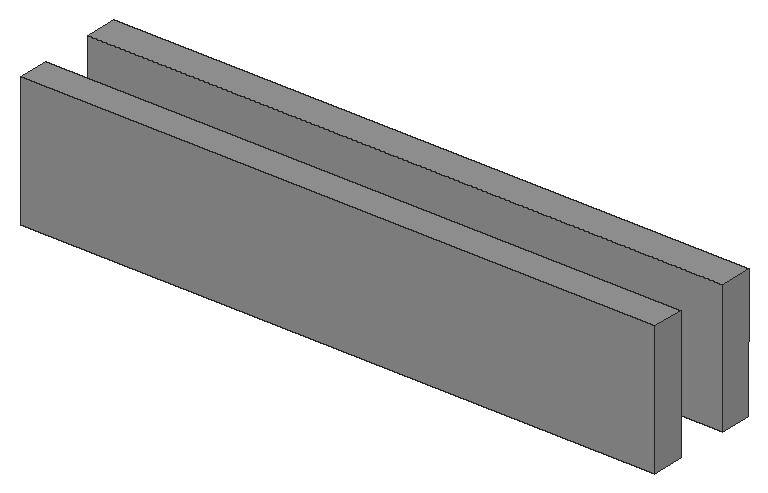
Revit family "CP-seconda consegna MADRE", category Modèles génériques, Revit 2017
Family settings
  Peut héberger une armature = Non
  Cote de connecteur circulaire = Utiliser le diamètre
  Type d'élément = Normal
  Couper avec des vides une fois chargée = Non
  Partagée = Non
  Point de calcul de pièce = Non
Parameters
  SPESSORE ASTE = 6 cm
  SEMIDISTANZA = DISTANZA LORDA / 2  # 5 cm
  built-in parameter 1001306 [instance] = 120 cm
  DISTANZA NETTA = 4 cm
  DISTANZA LORDA = DISTANZA NETTA + SPESSORE ASTE  # 10 cm
Reference planes (cm)
  plane 1 "Centre (avant/arrière)": y = 0
  plane 2: z = 0
  plane 3 "Gauche": x = 0
  plane 4 "Droite": x = 120
  plane 5: y = 5
  plane 6: y = -5
  plane 7: z = 19.5453
Lines and regions (cm)
  reference lines
    curve 1: line (0, 0, 0) -> (120, 0, 0)
Dimensions and locks (cm)
  "built-in parameter 1001306": plane 3 "Gauche" to plane 4 "Droite"
  "SEMIDISTANZA": plane 1 "Centre (avant/arrière)" to plane 6
  "SEMIDISTANZA": plane 1 "Centre (avant/arrière)" to plane 5
  aligned and locked: plane 4 "Droite" to curve 1
  aligned and locked: plane 1 "Centre (avant/arrière)" to curve 1
  aligned and locked: plane 3 "Gauche" to curve 1
  aligned and locked: level to plane 2
  aligned and locked: plane 3 "Gauche" to nested 2
  aligned and locked: plane 4 "Droite" to nested 2
  aligned and locked: plane 6 to nested 2
  aligned and locked: nested 1 to plane 5
  aligned and locked: plane 4 "Droite" to nested 1
  aligned and locked: nested 2 to curve 1
  aligned and locked: plane 3 "Gauche" to nested 1
  aligned and locked: nested 2 to plane 3 "Gauche"
Nested families (cm)
  nested 1: "CP-seconda consegna FIGLIO" at (0, 8, 0), type "CP-seconda consegna FIGLIO"
    with built-in parameter 1001306 120 cm, h 50 cm, b 6 cm, SEMILARGHEZZA 3 cm, SEMIALTEZZA 25 cm
  nested 2: "CP-seconda consegna FIGLIO" at (0, -8, 0), type "CP-seconda consegna FIGLIO"
    with built-in parameter 1001306 120 cm, h 50 cm, b 6 cm, SEMILARGHEZZA 3 cm, SEMIALTEZZA 25 cm
Definition of nested family "CP-seconda consegna FIGLIO"
  Parameters (values of type "CP-seconda consegna FIGLIO")
    h = 500 cm
    b = 20 cm
    SEMILARGHEZZA = b / 2  # 10 cm
    SEMIALTEZZA = h / 2  # 250 cm
    Materiale ASTA = none
    built-in parameter 1001306 [instance] = 91.44 cm
  Reference planes (cm)
    plane 1 "Centre (avant/arrière)": y = 0
    plane 2: z = 0
    plane 3 "Gauche": x = 0
    plane 4 "Droite": x = 91.44
    plane 5: y = 10
    plane 6: y = -10
    plane 7: z = 250
    plane 8: z = -250
  Forms (cm)
    Extrusion 1, solid, material <- "Materiale ASTA"
      sketch origin (0, 0, 89) x (0, 1, 0) y (0, 0, 1)
        loop
          line (10, 161) -> (-10, 161) -> (-10, -89) -> (10, -89) -> (10, 161)
      from 0 to 91.44
  Lines and regions (cm)
    reference lines
      curve 1: line (0, 0, 0) -> (91.44, 0, 0)
  Dimensions and locks (cm)
    "built-in parameter 1001306": plane 3 "Gauche" to plane 4 "Droite"
    "SEMILARGHEZZA": plane 5 to plane 1 "Centre (avant/arrière)"
    "SEMILARGHEZZA": plane 1 "Centre (avant/arrière)" to plane 6
    "SEMIALTEZZA": plane 2 to plane 8
    "SEMIALTEZZA": plane 7 to plane 2
    aligned and locked: plane 4 "Droite" to curve 1
    aligned and locked: plane 1 "Centre (avant/arrière)" to curve 1
    aligned and locked: plane 3 "Gauche" to curve 1
    aligned and locked: level to plane 2
    aligned and locked: plane 4 "Droite" to Extrusion 1
    aligned and locked: Extrusion 1 to plane 5
    aligned and locked: Extrusion 1 to plane 6
    aligned and locked: plane 7 to Extrusion 1
    aligned and locked: Extrusion 1 to level
  Automatic sketch dimensions
    Extrusion 1 sketch curve to plane 6 = 0 cm
    plane 5 to Extrusion 1 sketch curve = 0 cm
    plane 8 to Extrusion 1 sketch curve = 250 cm
    plane 7 to Extrusion 1 sketch curve = 0 cm
